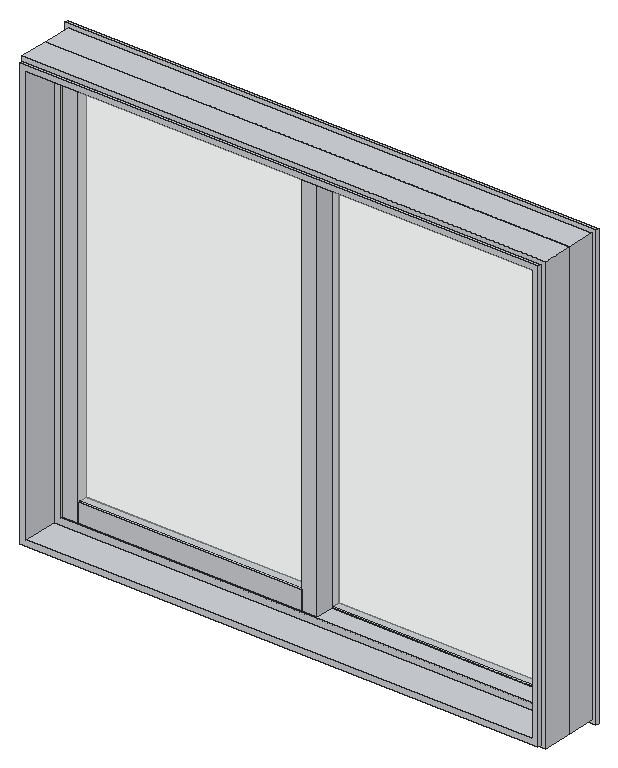
Revit family "APL Residential Thermal Heart Sliding Window SF", category Windows, host Wall, Revit 2017 (continued)
Definition of nested family "APL Residential Thermal Heart Sliding Window SF Vertical Section"
  Definition of nested family "Two Panel Sill"
    Definition of nested family "65380_Frame Sill"
      Lines and regions (mm)
        detail lines, in view "Ref. Level"
          curve 603: arc (78.947, 1.8, 0) -> (79.176, 1.873, 0) -> (79.323, 2.063, 0) r 0.4
          curve 604: arc (80.116, 4.242, 0) -> (80.482, 4.719, 0) -> (81.055, 4.9, 0) r 1
          curve 605: arc (81.978, 4.9, 0) -> (82.289, 4.941, 0) -> (82.579, 5.062, 0) r 1.2
          curve 606: arc (84.107, 5.946, 0) -> (84.204, 5.987, 0) -> (84.307, 6, 0) r 0.4
          curve 607: arc (84.6, 6, 0) -> (84.883, 5.883, 0) -> (85, 5.6, 0) r 0.4
          curve 608: arc (85, 2.2, 0) -> (84.883, 1.917, 0) -> (84.6, 1.8, 0) r 0.4
          curve 609: arc (84.307, 1.8, 0) -> (84.204, 1.814, 0) -> (84.107, 1.854, 0) r 0.4
          curve 610: arc (82.579, 2.739, 0) -> (82.285, 2.86, 0) -> (81.97, 2.9, 0) r 1.2
          curve 611: arc (81.97, 2.9, 0) -> (81.795, 2.847, 0) -> (81.684, 2.703, 0) r 0.3
          curve 612: arc (80.796, 0.263, 0) -> (80.649, 0.073, 0) -> (80.42, 0, 0) r 0.4
          curve 613: arc (74.78, 0, 0) -> (74.551, 0.073, 0) -> (74.404, 0.263, 0) r 0.4
          curve 614: arc (73.516, 2.703, 0) -> (73.405, 2.847, 0) -> (73.23, 2.9, 0) r 0.3
          curve 615: arc (73.23, 2.9, 0) -> (72.915, 2.86, 0) -> (72.621, 2.739, 0) r 1.2
          curve 616: arc (71.093, 1.854, 0) -> (70.996, 1.814, 0) -> (70.893, 1.8, 0) r 0.4
          curve 617: arc (70.6, 1.8, 0) -> (70.317, 1.917, 0) -> (70.2, 2.2, 0) r 0.4
          curve 618: line (70.6, 6, 0) -> (70.893, 6, 0)
          curve 619: line (71.093, 5.946, 0) -> (72.621, 5.062, 0)
          curve 620: line (73.222, 4.9, 0) -> (74.145, 4.9, 0)
          curve 621: line (75.084, 4.242, 0) -> (75.877, 2.063, 0)
          curve 622: line (76.253, 1.8, 0) -> (78.947, 1.8, 0)
          curve 623: line (79.323, 2.063, 0) -> (80.116, 4.242, 0)
          curve 624: line (81.055, 4.9, 0) -> (81.978, 4.9, 0)
          curve 625: line (82.579, 5.062, 0) -> (84.107, 5.946, 0)
          curve 626: line (84.307, 6, 0) -> (84.6, 6, 0)
          curve 627: line (85, 5.6, 0) -> (85, 2.2, 0)
          curve 628: line (84.6, 1.8, 0) -> (84.307, 1.8, 0)
          curve 629: line (84.107, 1.854, 0) -> (82.579, 2.739, 0)
          curve 630: line (81.684, 2.703, 0) -> (80.796, 0.263, 0)
          curve 631: line (80.42, 0, 0) -> (74.78, 0, 0)
          curve 632: line (74.404, 0.263, 0) -> (73.516, 2.703, 0)
          curve 633: line (72.621, 2.739, 0) -> (71.093, 1.854, 0)
          curve 634: line (70.893, 1.8, 0) -> (70.6, 1.8, 0)
          curve 635: line (70.2, 2.2, 0) -> (70.2, 5.6, 0)
          curve 636: line (106.85, 34.861, 0) -> (112.6, 36.402, 0)
          curve 637: line (111.139, 36.01, 0) -> (106.85, 36.01, 0)
          curve 638: line (112.6, 36.85, 0) -> (106.85, 36.85, 0)
          curve 639: line (112.6, 37.69, 0) -> (106.85, 37.69, 0)
          curve 640: line (112.6, 38.61, 0) -> (106.85, 38.61, 0)
          curve 641: line (112.6, 39.45, 0) -> (106.85, 39.45, 0)
          curve 642: line (111.139, 40.29, 0) -> (106.85, 40.29, 0)
          curve 643: line (112.6, 39.899, 0) -> (106.85, 41.439, 0)
          curve 644: line (112.85, 34.7, 0) -> (112.85, 41.6, 0)
          curve 645: line (112.6, 41.6, 0) -> (112.6, 34.7, 0)
          curve 646: line (112.6, 34.7, 0) -> (113.1, 34.7, 0)
          curve 647: line (113.1, 34.7, 0) -> (113.1, 41.6, 0)
          curve 648: line (113.1, 41.6, 0) -> (112.6, 41.6, 0)
          curve 662: line (74.15, 34.861, 0) -> (68.4, 36.402, 0)
          curve 663: line (69.861, 36.01, 0) -> (74.15, 36.01, 0)
          curve 664: line (68.4, 36.85, 0) -> (74.15, 36.85, 0)
          curve 665: line (68.4, 37.69, 0) -> (74.15, 37.69, 0)
          curve 666: line (68.4, 38.61, 0) -> (74.15, 38.61, 0)
          curve 667: line (68.4, 39.45, 0) -> (74.15, 39.45, 0)
          curve 668: line (69.861, 40.29, 0) -> (74.15, 40.29, 0)
          curve 669: line (68.4, 39.899, 0) -> (74.15, 41.439, 0)
          curve 670: line (68.15, 34.7, 0) -> (68.15, 41.6, 0)
          curve 671: line (68.4, 41.6, 0) -> (68.4, 34.7, 0)
          curve 672: line (68.4, 34.7, 0) -> (67.9, 34.7, 0)
          curve 673: line (67.9, 34.7, 0) -> (67.9, 41.6, 0)
          curve 674: line (67.9, 41.6, 0) -> (68.4, 41.6, 0)
        detail lines, in view "Ref. Level", not visible
          curve 649: line (101.764, -41.439, 0) -> (107.514, -39.899, 0)
          curve 650: line (106.053, -40.29, 0) -> (101.764, -40.29, 0)
          curve 651: line (107.514, -39.45, 0) -> (101.764, -39.45, 0)
          curve 652: line (107.514, -38.61, 0) -> (101.764, -38.61, 0)
          curve 653: line (107.514, -37.69, 0) -> (101.764, -37.69, 0)
          curve 654: line (107.514, -36.85, 0) -> (101.764, -36.85, 0)
          curve 655: line (106.053, -36.01, 0) -> (101.764, -36.01, 0)
          curve 656: line (107.514, -36.401, 0) -> (101.764, -34.861, 0)
          curve 657: line (107.764, -41.6, 0) -> (107.764, -34.7, 0)
          curve 658: line (107.514, -34.7, 0) -> (107.514, -41.6, 0)
          curve 659: line (107.514, -41.6, 0) -> (108.014, -41.6, 0)
          curve 660: line (108.014, -41.6, 0) -> (108.014, -34.7, 0)
          curve 661: line (108.014, -34.7, 0) -> (107.514, -34.7, 0)
      Text (mm)
        text "65380" at (9.719, 46, 0), in view "Ref. Level"
    Definition of nested family "65460_Door Top And Window Rail"
      Reference planes
        plane 1 "Center (Front/Back)": y = 0
        plane 2: z = 0
        plane 3 "Center (Left/Right)": x = 0
      Lines and regions (mm)
        detail lines, in view "Ref. Level"
          curve 1: arc (20.155, 25.72, 0) -> (19.65, 25.078, 0) -> (19.29, 24.346, 0) r 3.9
          curve 2: arc (19.29, 24.346, 0) -> (19.067, 24.218, 0) -> (18.902, 24.415, 0) r 0.2
          curve 3: arc (18.902, 31.835, 0) -> (19.067, 32.032, 0) -> (19.29, 31.904, 0) r 0.2
          curve 4: arc (19.29, 31.904, 0) -> (19.65, 31.172, 0) -> (20.155, 30.53, 0) r 3.9
          curve 5: arc (20.155, 30.53, 0) -> (21.428, 30.513, 0) -> (21.445, 31.786, 0) r 0.9
          curve 6: arc (21.445, 31.786, 0) -> (20.85, 33.25, 0) -> (21.445, 34.715, 0) r 2.1
          curve 7: arc (21.445, 34.715, 0) -> (21.57, 34.877, 0) -> (21.656, 35.064, 0) r 0.9
          curve 8: arc (21.656, 35.064, 0) -> (21.753, 35.236, 0) -> (21.91, 35.358, 0) r 0.5
          curve 9: arc (21.91, 35.358, 0) -> (22.95, 35.6, 0) -> (23.99, 35.358, 0) r 2.35
          curve 10: arc (23.99, 35.358, 0) -> (24.147, 35.236, 0) -> (24.244, 35.064, 0) r 0.5
          curve 11: arc (24.244, 35.064, 0) -> (24.33, 34.877, 0) -> (24.455, 34.715, 0) r 0.9
          curve 12: arc (24.455, 34.715, 0) -> (25.05, 33.25, 0) -> (24.455, 31.786, 0) r 2.1
          curve 13: arc (24.455, 31.786, 0) -> (24.472, 30.513, 0) -> (25.745, 30.53, 0) r 0.9
          curve 14: arc (25.745, 30.53, 0) -> (26.799, 32.619, 0) -> (26.468, 34.934, 0) r 3.9
          curve 15: arc (26.468, 34.934, 0) -> (26.496, 35.417, 0) -> (26.919, 35.65, 0) r 0.5
          curve 16: arc (31.08, 35.65, 0) -> (31.402, 35.533, 0) -> (31.572, 35.236, 0) r 0.5
          curve 17: arc (31.572, 21.014, 0) -> (31.402, 20.717, 0) -> (31.08, 20.6, 0) r 0.5
          curve 18: arc (26.919, 20.6, 0) -> (26.496, 20.834, 0) -> (26.468, 21.316, 0) r 0.5
          curve 19: arc (26.468, 21.316, 0) -> (26.799, 23.631, 0) -> (25.745, 25.72, 0) r 3.9
          curve 20: arc (25.745, 25.72, 0) -> (24.472, 25.737, 0) -> (24.455, 24.464, 0) r 0.9
          curve 21: arc (24.455, 24.464, 0) -> (25.05, 23, 0) -> (24.455, 21.535, 0) r 2.1
          curve 22: arc (24.455, 21.535, 0) -> (24.33, 21.373, 0) -> (24.244, 21.186, 0) r 0.9
          curve 23: arc (24.244, 21.186, 0) -> (24.147, 21.014, 0) -> (23.99, 20.892, 0) r 0.5
          curve 24: arc (23.99, 20.892, 0) -> (22.95, 20.65, 0) -> (21.91, 20.892, 0) r 2.35
          curve 25: arc (21.91, 20.892, 0) -> (21.753, 21.014, 0) -> (21.656, 21.186, 0) r 0.5
          curve 26: arc (21.656, 21.186, 0) -> (21.57, 21.373, 0) -> (21.445, 21.535, 0) r 0.9
          curve 27: arc (21.445, 21.535, 0) -> (20.85, 23, 0) -> (21.445, 24.464, 0) r 2.1
          curve 28: arc (21.445, 24.464, 0) -> (21.428, 25.737, 0) -> (20.155, 25.72, 0) r 0.9
          curve 29: arc (17.002, 21.247, 0) -> (17.028, 21.125, 0) -> (17.102, 21.023, 0) r 0.3
          curve 30: arc (17.102, 21.023, 0) -> (17.182, 20.693, 0) -> (16.902, 20.5, 0) r 0.3
          curve 31: arc (14.681, 21.043, 0) -> (14.592, 21.095, 0) -> (14.54, 21.184, 0) r 0.2
          curve 32: arc (14.495, 21.352, 0) -> (14.354, 21.493, 0) -> (14.161, 21.441, 0) r 0.2
          curve 33: arc (13.797, 21.077, 0) -> (13.737, 20.992, 0) -> (13.71, 20.891, 0) r 0.3
          curve 34: arc (13.503, 18.526, 0) -> (13.619, 18.262, 0) -> (13.905, 18.218, 0) r 0.3
          curve 35: arc (15.315, 18.731, 0) -> (15.441, 18.819, 0) -> (15.507, 18.957, 0) r 0.3
          curve 36: arc (15.507, 18.957, 0) -> (15.78, 19.199, 0) -> (16.085, 19, 0) r 0.3
          curve 37: arc (31.1, 19, 0) -> (31.414, 18.904, 0) -> (31.601, 18.633, 0) r 0.5
          curve 38: arc (32.601, 3.535, 0) -> (32.523, 3.377, 0) -> (32.349, 3.342, 0) r 0.2
          curve 39: arc (31.453, 3.583, 0) -> (31.279, 3.548, 0) -> (31.201, 3.389, 0) r 0.2
          curve 40: arc (31.439, 1.205, 0) -> (31.508, 1.087, 0) -> (31.636, 1.04, 0) r 0.2
          curve 41: arc (32.901, 0.203, 0) -> (32.959, 0.06, 0) -> (33.101, 0, 0) r 0.2
          curve 42: arc (33.8, 0, 0) -> (33.941, 0.059, 0) -> (34, 0.2, 0) r 0.2
          curve 43: arc (34, 71.5, 0) -> (33.854, 71.854, 0) -> (33.5, 72, 0) r 0.5
          curve 44: arc (32.4, 72, 0) -> (32.259, 71.942, 0) -> (32.2, 71.8, 0) r 0.2
          curve 45: arc (32.2, 57.95, 0) -> (32.141, 57.809, 0) -> (32, 57.75, 0) r 0.2
          curve 46: arc (29.4, 57.75, 0) -> (29.259, 57.692, 0) -> (29.2, 57.55, 0) r 0.2
          curve 47: arc (29.2, 56.45, 0) -> (29.259, 56.309, 0) -> (29.4, 56.25, 0) r 0.2
          curve 48: arc (32, 56.25, 0) -> (32.141, 56.192, 0) -> (32.2, 56.05, 0) r 0.2
          curve 49: arc (32.2, 42.95, 0) -> (32.141, 42.809, 0) -> (32, 42.75, 0) r 0.2
          curve 50: arc (29.4, 42.75, 0) -> (29.259, 42.692, 0) -> (29.2, 42.55, 0) r 0.2
          curve 51: arc (29.2, 41.45, 0) -> (29.259, 41.309, 0) -> (29.4, 41.25, 0) r 0.2
          curve 52: arc (32, 41.25, 0) -> (32.141, 41.192, 0) -> (32.2, 41.05, 0) r 0.2
          curve 53: arc (31.601, 37.618, 0) -> (31.422, 37.352, 0) -> (31.119, 37.25, 0) r 0.5
          curve 54: arc (16.085, 37.25, 0) -> (15.78, 37.051, 0) -> (15.507, 37.293, 0) r 0.3
          curve 55: arc (15.507, 37.293, 0) -> (15.441, 37.431, 0) -> (15.315, 37.519, 0) r 0.3
          curve 56: arc (13.905, 38.032, 0) -> (13.619, 37.988, 0) -> (13.503, 37.724, 0) r 0.3
          curve 57: arc (13.71, 35.359, 0) -> (13.737, 35.258, 0) -> (13.797, 35.173, 0) r 0.3
          curve 58: arc (14.161, 34.809, 0) -> (14.354, 34.757, 0) -> (14.495, 34.898, 0) r 0.2
          curve 59: arc (14.54, 35.066, 0) -> (14.592, 35.155, 0) -> (14.681, 35.207, 0) r 0.2
          curve 60: arc (16.902, 35.75, 0) -> (17.182, 35.557, 0) -> (17.102, 35.227, 0) r 0.3
          curve 61: arc (17.102, 35.227, 0) -> (17.028, 35.125, 0) -> (17.002, 35.003, 0) r 0.3
          curve 62: arc (17.196, 31, 0) -> (17.16, 30.828, 0) -> (17.002, 30.75, 0) r 0.2
          curve 63: arc (16.482, 30.75, 0) -> (16.4, 30.761, 0) -> (16.325, 30.794, 0) r 0.3
          curve 64: arc (15.071, 31.559, 0) -> (15.074, 31.729, 0) -> (14.968, 31.861, 0) r 0.25
          curve 65: arc (14.882, 31.914, 0) -> (14.63, 31.918, 0) -> (14.502, 31.7, 0) r 0.25
          curve 66: arc (14.502, 29.554, 0) -> (14.528, 29.456, 0) -> (14.598, 29.383, 0) r 0.2
          curve 67: arc (16.379, 28.296, 0) -> (16.475, 28.125, 0) -> (16.379, 27.954, 0) r 0.2
          curve 68: arc (14.598, 26.867, 0) -> (14.528, 26.794, 0) -> (14.502, 26.696, 0) r 0.2
          curve 69: arc (14.502, 24.55, 0) -> (14.629, 24.332, 0) -> (14.882, 24.336, 0) r 0.25
          curve 70: arc (14.968, 24.388, 0) -> (15.074, 24.521, 0) -> (15.071, 24.691, 0) r 0.25
          curve 71: arc (16.325, 25.456, 0) -> (16.4, 25.489, 0) -> (16.481, 25.5, 0) r 0.3
          curve 72: line (18.902, 24.415, 0) -> (18.902, 31.835, 0)
          curve 73: line (26.919, 35.65, 0) -> (31.08, 35.65, 0)
          curve 74: line (31.572, 35.236, 0) -> (32.193, 31.693, 0)
          curve 75: line (32.2, 31.607, 0) -> (32.2, 24.643, 0)
          curve 76: line (32.193, 24.557, 0) -> (31.572, 21.014, 0)
          curve 77: line (31.08, 20.6, 0) -> (26.919, 20.6, 0)
          curve 78: line (17.196, 25.25, 0) -> (17.002, 24.5, 0)
          curve 79: line (17.002, 24.474, 0) -> (17.002, 21.247, 0)
          curve 80: line (16.67, 20.51, 0) -> (14.681, 21.043, 0)
          curve 81: line (14.54, 21.184, 0) -> (14.495, 21.352, 0)
          curve 82: line (14.161, 21.441, 0) -> (13.797, 21.077, 0)
          curve 83: line (13.71, 20.891, 0) -> (13.503, 18.526, 0)
          curve 84: line (13.905, 18.218, 0) -> (15.315, 18.731, 0)
          curve 85: line (16.085, 19, 0) -> (31.1, 19, 0)
          curve 86: line (31.601, 18.633, 0) -> (32.583, 15.065, 0)
          curve 87: line (32.601, 14.933, 0) -> (32.601, 3.535, 0)
          curve 88: line (32.349, 3.342, 0) -> (31.453, 3.583, 0)
          curve 89: line (31.201, 3.389, 0) -> (31.201, 2.558, 0)
          curve 90: line (31.201, 2.558, 0) -> (31.439, 1.205, 0)
          curve 91: line (31.636, 1.04, 0) -> (32.901, 1.04, 0)
          curve 92: line (32.901, 1.04, 0) -> (32.901, 0.203, 0)
          curve 93: line (33.101, 0, 0) -> (33.8, 0, 0)
          curve 94: line (34, 0.2, 0) -> (34, 71.5, 0)
          curve 95: line (33.5, 72, 0) -> (32.4, 72, 0)
          curve 96: line (32.2, 71.8, 0) -> (32.2, 57.95, 0)
          curve 97: line (32, 57.75, 0) -> (29.4, 57.75, 0)
          curve 98: line (29.2, 57.55, 0) -> (29.2, 56.45, 0)
          curve 99: line (29.4, 56.25, 0) -> (32, 56.25, 0)
          curve 100: line (32.2, 56.05, 0) -> (32.2, 42.95, 0)
          curve 101: line (32, 42.75, 0) -> (29.4, 42.75, 0)
          curve 102: line (29.2, 42.55, 0) -> (29.2, 41.45, 0)
          curve 103: line (29.4, 41.25, 0) -> (32, 41.25, 0)
          curve 104: line (32.2, 41.05, 0) -> (32.2, 39.861, 0)
          curve 105: line (32.182, 39.728, 0) -> (31.601, 37.618, 0)
          curve 106: line (31.119, 37.25, 0) -> (23.35, 37.25, 0)
          curve 107: line (23.35, 37.25, 0) -> (22.95, 36.85, 0)
          curve 108: line (22.95, 36.85, 0) -> (22.55, 37.25, 0)
          curve 109: line (22.55, 37.25, 0) -> (16.085, 37.25, 0)
          curve 110: line (15.315, 37.519, 0) -> (13.905, 38.032, 0)
          curve 111: line (13.503, 37.724, 0) -> (13.71, 35.359, 0)
          curve 112: line (13.797, 35.173, 0) -> (14.161, 34.809, 0)
          curve 113: line (14.495, 34.898, 0) -> (14.54, 35.066, 0)
          curve 114: line (14.681, 35.207, 0) -> (16.67, 35.74, 0)
          curve 115: line (17.002, 35.003, 0) -> (17.002, 31.776, 0)
          curve 116: line (17.002, 31.75, 0) -> (17.196, 31, 0)
          curve 117: line (17.002, 30.75, 0) -> (16.482, 30.75, 0)
          curve 118: line (16.325, 30.794, 0) -> (15.071, 31.559, 0)
          curve 119: line (14.502, 31.7, 0) -> (14.502, 29.554, 0)
          curve 120: line (14.598, 29.383, 0) -> (16.379, 28.296, 0)
          curve 121: line (16.379, 27.954, 0) -> (14.598, 26.867, 0)
          curve 122: line (14.502, 26.696, 0) -> (14.502, 24.55, 0)
          curve 123: line (15.071, 24.691, 0) -> (16.325, 25.456, 0)
          curve 124: line (16.481, 25.5, 0) -> (17.002, 25.5, 0)
          curve 125: arc (17.002, 25.5, 0) -> (17.16, 25.422, 0) -> (17.196, 25.25, 0) r 0.2
          curve 126: arc (2.202, 31.65, 0) -> (2.319, 31.367, 0) -> (2.602, 31.25, 0) r 0.4
          curve 127: arc (2.895, 31.25, 0) -> (2.998, 31.264, 0) -> (3.095, 31.304, 0) r 0.4
          curve 128: arc (4.623, 32.189, 0) -> (4.913, 32.309, 0) -> (5.224, 32.35, 0) r 1.2
          curve 129: arc (6.147, 32.35, 0) -> (6.72, 32.531, 0) -> (7.086, 33.008, 0) r 1
          curve 130: arc (7.879, 35.187, 0) -> (8.026, 35.378, 0) -> (8.255, 35.45, 0) r 0.4
          curve 131: arc (10.949, 35.45, 0) -> (11.178, 35.378, 0) -> (11.325, 35.187, 0) r 0.4
          curve 132: arc (12.118, 33.008, 0) -> (12.484, 32.531, 0) -> (13.057, 32.35, 0) r 1
          curve 133: arc (13.98, 32.35, 0) -> (14.291, 32.309, 0) -> (14.581, 32.189, 0) r 1.2
          curve 134: arc (16.109, 31.304, 0) -> (16.206, 31.264, 0) -> (16.309, 31.25, 0) r 0.4
          curve 135: arc (16.602, 31.25, 0) -> (16.885, 31.367, 0) -> (17.002, 31.65, 0) r 0.4
          curve 136: arc (17.002, 35.05, 0) -> (16.885, 35.333, 0) -> (16.602, 35.45, 0) r 0.4
          curve 137: arc (16.309, 35.45, 0) -> (16.206, 35.437, 0) -> (16.109, 35.396, 0) r 0.4
          curve 138: arc (14.581, 34.512, 0) -> (14.287, 34.39, 0) -> (13.972, 34.35, 0) r 1.2
          curve 139: arc (13.972, 34.35, 0) -> (13.797, 34.403, 0) -> (13.686, 34.548, 0) r 0.3
          curve 140: arc (12.798, 36.987, 0) -> (12.651, 37.178, 0) -> (12.422, 37.25, 0) r 0.4
          curve 141: arc (6.782, 37.25, 0) -> (6.553, 37.178, 0) -> (6.406, 36.987, 0) r 0.4
          curve 142: arc (5.518, 34.548, 0) -> (5.407, 34.403, 0) -> (5.232, 34.35, 0) r 0.3
          curve 143: arc (5.232, 34.35, 0) -> (4.917, 34.39, 0) -> (4.623, 34.512, 0) r 1.2
          curve 144: arc (3.095, 35.396, 0) -> (2.998, 35.437, 0) -> (2.895, 35.45, 0) r 0.4
          curve 145: arc (2.602, 35.45, 0) -> (2.319, 35.333, 0) -> (2.202, 35.05, 0) r 0.4
          curve 146: line (2.602, 31.25, 0) -> (2.895, 31.25, 0)
          curve 147: line (3.095, 31.304, 0) -> (4.623, 32.189, 0)
          curve 148: line (5.224, 32.35, 0) -> (6.147, 32.35, 0)
          curve 149: line (7.086, 33.008, 0) -> (7.879, 35.187, 0)
          curve 150: line (8.255, 35.45, 0) -> (10.949, 35.45, 0)
          curve 151: line (11.325, 35.187, 0) -> (12.118, 33.008, 0)
          curve 152: line (13.057, 32.35, 0) -> (13.98, 32.35, 0)
          curve 153: line (14.581, 32.189, 0) -> (16.109, 31.304, 0)
          curve 154: line (16.309, 31.25, 0) -> (16.602, 31.25, 0)
          curve 155: line (17.002, 31.65, 0) -> (17.002, 35.05, 0)
          curve 156: line (16.602, 35.45, 0) -> (16.309, 35.45, 0)
          curve 157: line (16.109, 35.396, 0) -> (14.581, 34.512, 0)
          curve 158: line (13.686, 34.548, 0) -> (12.798, 36.987, 0)
          curve 159: line (12.422, 37.25, 0) -> (6.782, 37.25, 0)
          curve 160: line (6.406, 36.987, 0) -> (5.518, 34.548, 0)
          curve 161: line (4.623, 34.512, 0) -> (3.095, 35.396, 0)
          curve 162: line (2.895, 35.45, 0) -> (2.602, 35.45, 0)
          curve 163: line (2.202, 35.05, 0) -> (2.202, 31.65, 0)
          curve 164: arc (2.202, 24.6, 0) -> (2.319, 24.883, 0) -> (2.602, 25, 0) r 0.4
          curve 165: arc (2.895, 25, 0) -> (2.998, 24.986, 0) -> (3.095, 24.946, 0) r 0.4
          curve 166: arc (4.623, 24.061, 0) -> (4.913, 23.941, 0) -> (5.224, 23.9, 0) r 1.2
          curve 167: arc (6.147, 23.9, 0) -> (6.72, 23.719, 0) -> (7.086, 23.242, 0) r 1
          curve 168: arc (7.879, 21.063, 0) -> (8.026, 20.872, 0) -> (8.255, 20.8, 0) r 0.4
          curve 169: arc (10.949, 20.8, 0) -> (11.178, 20.872, 0) -> (11.325, 21.063, 0) r 0.4
          curve 170: arc (12.118, 23.242, 0) -> (12.484, 23.719, 0) -> (13.057, 23.9, 0) r 1
          curve 171: arc (13.98, 23.9, 0) -> (14.291, 23.941, 0) -> (14.581, 24.061, 0) r 1.2
          curve 172: arc (16.109, 24.946, 0) -> (16.206, 24.986, 0) -> (16.309, 25, 0) r 0.4
          curve 173: arc (16.602, 25, 0) -> (16.885, 24.883, 0) -> (17.002, 24.6, 0) r 0.4
          curve 174: arc (17.002, 21.2, 0) -> (16.885, 20.917, 0) -> (16.602, 20.8, 0) r 0.4
          curve 175: arc (16.309, 20.8, 0) -> (16.206, 20.813, 0) -> (16.109, 20.854, 0) r 0.4
          curve 176: arc (14.581, 21.738, 0) -> (14.287, 21.86, 0) -> (13.972, 21.9, 0) r 1.2
          curve 177: arc (13.972, 21.9, 0) -> (13.797, 21.847, 0) -> (13.686, 21.702, 0) r 0.3
          curve 178: arc (12.798, 19.263, 0) -> (12.651, 19.072, 0) -> (12.422, 19, 0) r 0.4
          curve 179: arc (6.782, 19, 0) -> (6.553, 19.072, 0) -> (6.406, 19.263, 0) r 0.4
          curve 180: arc (5.518, 21.702, 0) -> (5.407, 21.847, 0) -> (5.232, 21.9, 0) r 0.3
          curve 181: arc (5.232, 21.9, 0) -> (4.917, 21.86, 0) -> (4.623, 21.738, 0) r 1.2
          curve 182: arc (3.095, 20.854, 0) -> (2.998, 20.813, 0) -> (2.895, 20.8, 0) r 0.4
          curve 183: arc (2.602, 20.8, 0) -> (2.319, 20.917, 0) -> (2.202, 21.2, 0) r 0.4
          curve 184: line (2.602, 25, 0) -> (2.895, 25, 0)
          curve 185: line (3.095, 24.946, 0) -> (4.623, 24.061, 0)
          curve 186: line (5.224, 23.9, 0) -> (6.147, 23.9, 0)
          curve 187: line (7.086, 23.242, 0) -> (7.879, 21.063, 0)
          curve 188: line (8.255, 20.8, 0) -> (10.949, 20.8, 0)
          curve 189: line (11.325, 21.063, 0) -> (12.118, 23.242, 0)
          curve 190: line (13.057, 23.9, 0) -> (13.98, 23.9, 0)
          curve 191: line (14.581, 24.061, 0) -> (16.109, 24.946, 0)
          curve 192: line (16.309, 25, 0) -> (16.602, 25, 0)
          curve 193: line (17.002, 24.6, 0) -> (17.002, 21.2, 0)
          curve 194: line (16.602, 20.8, 0) -> (16.309, 20.8, 0)
          curve 195: line (16.109, 20.854, 0) -> (14.581, 21.738, 0)
          curve 196: line (13.686, 21.702, 0) -> (12.798, 19.263, 0)
          curve 197: line (12.422, 19, 0) -> (6.782, 19, 0)
          curve 198: line (6.406, 19.263, 0) -> (5.518, 21.702, 0)
          curve 199: line (4.623, 21.738, 0) -> (3.095, 20.854, 0)
          curve 200: line (2.895, 20.8, 0) -> (2.602, 20.8, 0)
          curve 201: line (2.202, 21.2, 0) -> (2.202, 24.6, 0)
          curve 202: arc (2.402, 7.33, 0) -> (2.261, 7.271, 0) -> (2.202, 7.13, 0) r 0.2
          curve 203: arc (2.202, 6.53, 0) -> (2.143, 6.388, 0) -> (2.002, 6.33, 0) r 0.2
          curve 204: arc (1.6, 6.33, 0) -> (1.459, 6.388, 0) -> (1.4, 6.53, 0) r 0.2
          curve 205: arc (1.644, 18.06, 0) -> (1.956, 18.728, 0) -> (2.642, 19, 0) r 1
          curve 206: arc (3.119, 19, 0) -> (3.424, 19.199, 0) -> (3.697, 18.957, 0) r 0.3
          curve 207: arc (3.697, 18.957, 0) -> (3.763, 18.819, 0) -> (3.889, 18.731, 0) r 0.3
          curve 208: arc (5.299, 18.218, 0) -> (5.585, 18.262, 0) -> (5.701, 18.526, 0) r 0.3
          curve 209: arc (5.494, 20.891, 0) -> (5.467, 20.992, 0) -> (5.407, 21.077, 0) r 0.3
          curve 210: arc (5.043, 21.441, 0) -> (4.85, 21.493, 0) -> (4.709, 21.352, 0) r 0.2
          curve 211: arc (4.664, 21.184, 0) -> (4.612, 21.095, 0) -> (4.523, 21.043, 0) r 0.2
          curve 212: arc (2.302, 20.5, 0) -> (2.022, 20.693, 0) -> (2.102, 21.023, 0) r 0.3
          curve 213: arc (2.102, 21.023, 0) -> (2.176, 21.125, 0) -> (2.202, 21.247, 0) r 0.3
          curve 214: arc (2.008, 25.25, 0) -> (2.044, 25.422, 0) -> (2.202, 25.5, 0) r 0.2
          curve 215: arc (2.722, 25.5, 0) -> (2.804, 25.489, 0) -> (2.879, 25.456, 0) r 0.3
          curve 216: arc (4.133, 24.691, 0) -> (4.13, 24.521, 0) -> (4.236, 24.388, 0) r 0.25
          curve 217: arc (4.322, 24.336, 0) -> (4.574, 24.332, 0) -> (4.702, 24.55, 0) r 0.25
          curve 218: arc (4.702, 26.696, 0) -> (4.676, 26.794, 0) -> (4.606, 26.867, 0) r 0.2
          curve 219: arc (2.725, 28.015, 0) -> (2.629, 28.186, 0) -> (2.725, 28.357, 0) r 0.2
          curve 220: arc (4.606, 29.505, 0) -> (4.676, 29.578, 0) -> (4.702, 29.676, 0) r 0.2
          curve 221: arc (4.702, 31.7, 0) -> (4.575, 31.918, 0) -> (4.322, 31.914, 0) r 0.25
          curve 222: arc (4.236, 31.861, 0) -> (4.13, 31.729, 0) -> (4.133, 31.559, 0) r 0.25
          curve 223: arc (2.879, 30.794, 0) -> (2.804, 30.761, 0) -> (2.723, 30.75, 0) r 0.3
          curve 224: arc (2.202, 30.75, 0) -> (2.044, 30.828, 0) -> (2.008, 31, 0) r 0.2
          curve 225: arc (2.202, 35.003, 0) -> (2.176, 35.125, 0) -> (2.102, 35.227, 0) r 0.3
          curve 226: arc (2.102, 35.227, 0) -> (2.022, 35.557, 0) -> (2.302, 35.75, 0) r 0.3
          curve 227: arc (4.523, 35.207, 0) -> (4.612, 35.155, 0) -> (4.664, 35.066, 0) r 0.2
          curve 228: arc (4.709, 34.898, 0) -> (4.85, 34.757, 0) -> (5.043, 34.809, 0) r 0.2
          curve 229: arc (5.407, 35.173, 0) -> (5.467, 35.258, 0) -> (5.494, 35.359, 0) r 0.3
          curve 230: arc (5.701, 37.724, 0) -> (5.585, 37.988, 0) -> (5.299, 38.032, 0) r 0.3
          curve 231: arc (3.889, 37.519, 0) -> (3.763, 37.431, 0) -> (3.697, 37.293, 0) r 0.3
          curve 232: arc (3.697, 37.293, 0) -> (3.424, 37.051, 0) -> (3.119, 37.25, 0) r 0.3
          curve 233: arc (2.3, 37.25, 0) -> (1.946, 37.397, 0) -> (1.8, 37.75, 0) r 0.5
          curve 234: arc (1.8, 41.053, 0) -> (1.86, 41.193, 0) -> (2, 41.25, 0) r 0.2
          curve 235: arc (3, 41.25, 0) -> (3.141, 41.309, 0) -> (3.2, 41.45, 0) r 0.2
          curve 236: arc (3.2, 42.55, 0) -> (3.141, 42.692, 0) -> (3, 42.75, 0) r 0.2
          curve 237: arc (2, 42.75, 0) -> (1.86, 42.808, 0) -> (1.8, 42.947, 0) r 0.2
          curve 238: arc (1.8, 56.053, 0) -> (1.86, 56.193, 0) -> (2, 56.25, 0) r 0.2
          curve 239: arc (3, 56.25, 0) -> (3.141, 56.309, 0) -> (3.2, 56.45, 0) r 0.2
          curve 240: arc (3.2, 57.55, 0) -> (3.141, 57.692, 0) -> (3, 57.75, 0) r 0.2
          curve 241: arc (2, 57.75, 0) -> (1.86, 57.808, 0) -> (1.8, 57.947, 0) r 0.2
          curve 242: arc (1.8, 71.8, 0) -> (1.741, 71.942, 0) -> (1.6, 72, 0) r 0.2
          curve 243: arc (0.5, 72, 0) -> (0.146, 71.854, 0) -> (0, 71.5, 0) r 0.5
          curve 244: arc (0, 0.2, 0) -> (0.059, 0.058, 0) -> (0.2, 0, 0) r 0.2
          curve 245: arc (3.002, 0, 0) -> (3.143, 0.058, 0) -> (3.202, 0.2, 0) r 0.2
          curve 246: arc (3.202, 1.63, 0) -> (3.143, 1.771, 0) -> (3.002, 1.83, 0) r 0.2
          curve 247: arc (2.402, 1.83, 0) -> (2.261, 1.771, 0) -> (2.202, 1.63, 0) r 0.2
          curve 248: arc (2.202, 1.28, 0) -> (2.143, 1.138, 0) -> (2.002, 1.08, 0) r 0.2
          curve 249: arc (1.402, 1.08, 0) -> (1.261, 1.138, 0) -> (1.202, 1.28, 0) r 0.2
          curve 250: arc (1.202, 4.38, 0) -> (1.261, 4.521, 0) -> (1.402, 4.58, 0) r 0.2
          curve 251: arc (2.002, 4.58, 0) -> (2.143, 4.521, 0) -> (2.202, 4.38, 0) r 0.2
          curve 252: arc (2.202, 4.03, 0) -> (2.261, 3.888, 0) -> (2.402, 3.83, 0) r 0.2
          curve 253: arc (3.002, 3.83, 0) -> (3.143, 3.888, 0) -> (3.202, 4.03, 0) r 0.2
          curve 254: line (3.002, 7.33, 0) -> (2.402, 7.33, 0)
          curve 255: line (2.202, 7.13, 0) -> (2.202, 6.53, 0)
          curve 256: line (2.002, 6.33, 0) -> (1.6, 6.33, 0)
          curve 257: line (1.4, 6.53, 0) -> (1.4, 14, 0)
          curve 258: line (1.4, 14, 0) -> (1.644, 18.06, 0)
          curve 259: line (2.642, 19, 0) -> (3.119, 19, 0)
          curve 260: line (3.889, 18.731, 0) -> (5.299, 18.218, 0)
          curve 261: line (5.701, 18.526, 0) -> (5.494, 20.891, 0)
          curve 262: line (5.407, 21.077, 0) -> (5.043, 21.441, 0)
          curve 263: line (4.709, 21.352, 0) -> (4.664, 21.184, 0)
          curve 264: line (4.523, 21.043, 0) -> (2.534, 20.51, 0)
          curve 265: line (2.202, 21.247, 0) -> (2.202, 24.474, 0)
          curve 266: line (2.196, 24.524, 0) -> (2.008, 25.25, 0)
          curve 267: line (2.202, 25.5, 0) -> (2.722, 25.5, 0)
          curve 268: line (2.879, 25.456, 0) -> (4.133, 24.691, 0)
          curve 269: line (4.702, 24.55, 0) -> (4.702, 26.696, 0)
          curve 270: line (4.606, 26.867, 0) -> (2.725, 28.015, 0)
          curve 271: line (2.725, 28.357, 0) -> (4.606, 29.505, 0)
          curve 272: line (4.702, 29.676, 0) -> (4.702, 31.7, 0)
          curve 273: line (4.133, 31.559, 0) -> (2.879, 30.794, 0)
          curve 274: line (2.723, 30.75, 0) -> (2.202, 30.75, 0)
          curve 275: line (2.008, 31, 0) -> (2.196, 31.726, 0)
          curve 276: line (2.202, 31.776, 0) -> (2.202, 35.003, 0)
          curve 277: line (2.534, 35.74, 0) -> (4.523, 35.207, 0)
          curve 278: line (4.664, 35.066, 0) -> (4.709, 34.898, 0)
          curve 279: line (5.043, 34.809, 0) -> (5.407, 35.173, 0)
          curve 280: line (5.494, 35.359, 0) -> (5.701, 37.724, 0)
          curve 281: line (5.299, 38.032, 0) -> (3.889, 37.519, 0)
          curve 282: line (3.119, 37.25, 0) -> (2.3, 37.25, 0)
          curve 283: line (1.8, 37.75, 0) -> (1.8, 41.053, 0)
          curve 284: line (2, 41.25, 0) -> (3, 41.25, 0)
          curve 285: line (3.2, 41.45, 0) -> (3.2, 42.55, 0)
          curve 286: line (3, 42.75, 0) -> (2, 42.75, 0)
          curve 287: line (1.8, 42.947, 0) -> (1.8, 56.053, 0)
          curve 288: line (2, 56.25, 0) -> (3, 56.25, 0)
          curve 289: line (3.2, 56.45, 0) -> (3.2, 57.55, 0)
          curve 290: line (3, 57.75, 0) -> (2, 57.75, 0)
          curve 291: line (1.8, 57.947, 0) -> (1.8, 71.8, 0)
          curve 292: line (1.6, 72, 0) -> (0.5, 72, 0)
          curve 293: line (0, 71.5, 0) -> (0, 0.2, 0)
          curve 294: line (0.2, 0, 0) -> (3.002, 0, 0)
          curve 295: line (3.202, 0.2, 0) -> (3.202, 1.63, 0)
          curve 296: line (3.002, 1.83, 0) -> (2.402, 1.83, 0)
          curve 297: line (2.202, 1.63, 0) -> (2.202, 1.28, 0)
          curve 298: line (2.002, 1.08, 0) -> (1.402, 1.08, 0)
          curve 299: line (1.202, 1.28, 0) -> (1.202, 4.38, 0)
          curve 300: line (1.402, 4.58, 0) -> (2.002, 4.58, 0)
          curve 301: line (2.202, 4.38, 0) -> (2.202, 4.03, 0)
          curve 302: line (2.402, 3.83, 0) -> (3.002, 3.83, 0)
          curve 303: line (3.202, 4.03, 0) -> (3.202, 7.13, 0)
          curve 304: arc (3.202, 7.13, 0) -> (3.143, 7.271, 0) -> (3.002, 7.33, 0) r 0.2
      Text (mm)
        text "65460" at (7.711, 85.3, 0), in view "Ref. Level"
  Definition of nested family "Two Panel Head"
    Parameters (values of type "Two Panel Head")
      Threshold = yes
      Seal = yes
    Reference planes
      plane 1 "Center (Front/Back)": y = 0
      plane 2: z = 0
      plane 3 "Center (Left/Right)": x = 0
    Lines and regions (mm)
      detail lines, in view "Ref. Level", visible <- "Seal"
        curve 1: arc (40.782, -34.147, 0) -> (40.472, -34.007, 0) -> (40.309, -34.306, 0) r 0.25
        curve 2: arc (40.336, -44.194, 0) -> (40.498, -44.493, 0) -> (40.808, -44.353, 0) r 0.25
        curve 3: line (40.309, -34.306, 0) -> (41.303, -38.173, 0)
        curve 4: line (41.303, -38.173, 0) -> (40.3, -38.753, 0)
        curve 5: line (40.3, -38.753, 0) -> (40.3, -39.753, 0)
        curve 6: line (40.3, -39.753, 0) -> (41.325, -40.344, 0)
        curve 7: line (41.325, -40.344, 0) -> (40.336, -44.194, 0)
        curve 8: line (40.808, -44.353, 0) -> (42.532, -40.253, 0)
        curve 9: line (42.532, -40.253, 0) -> (43.8, -40.253, 0)
        curve 10: line (43.8, -40.253, 0) -> (43.8, -41.503, 0)
        curve 11: line (43.8, -41.503, 0) -> (44.8, -41.503, 0)
        curve 12: line (44.8, -41.503, 0) -> (44.8, -37.003, 0)
        curve 13: line (44.8, -37.003, 0) -> (43.8, -37.003, 0)
        curve 14: line (43.8, -37.003, 0) -> (43.8, -38.253, 0)
        curve 15: line (43.8, -38.253, 0) -> (42.508, -38.253, 0)
        curve 16: line (42.508, -38.253, 0) -> (40.782, -34.147, 0)
      detail lines, in view "Ref. Level", visible <- "Seal", not visible
        curve 17: arc (40.782, -34.147, 0) -> (40.472, -34.007, 0) -> (40.309, -34.306, 0) r 0.25
        curve 18: arc (40.336, -44.194, 0) -> (40.498, -44.493, 0) -> (40.808, -44.353, 0) r 0.25
        curve 19: line (40.309, -34.306, 0) -> (41.303, -38.173, 0)
        curve 20: line (41.303, -38.173, 0) -> (40.3, -38.753, 0)
        curve 21: line (40.3, -38.753, 0) -> (40.3, -39.753, 0)
        curve 22: line (40.3, -39.753, 0) -> (41.325, -40.344, 0)
        curve 23: line (41.325, -40.344, 0) -> (40.336, -44.194, 0)
        curve 24: line (40.808, -44.353, 0) -> (42.532, -40.253, 0)
        curve 25: line (42.532, -40.253, 0) -> (43.8, -40.253, 0)
        curve 26: line (43.8, -40.253, 0) -> (43.8, -41.503, 0)
        curve 27: line (43.8, -41.503, 0) -> (44.8, -41.503, 0)
        curve 28: line (44.8, -41.503, 0) -> (44.8, -37.003, 0)
        curve 29: line (44.8, -37.003, 0) -> (43.8, -37.003, 0)
        curve 30: line (43.8, -37.003, 0) -> (43.8, -38.253, 0)
        curve 31: line (43.8, -38.253, 0) -> (42.508, -38.253, 0)
        curve 32: line (42.508, -38.253, 0) -> (40.782, -34.147, 0)
      detail lines, in view "Ref. Level"
        curve 33: arc (0.123, -25.385, 0) -> (0.034, -25.312, 0) -> (0, -25.2, 0) r 0.2
        curve 34: arc (0, -24.2, 0) -> (0.059, -24.059, 0) -> (0.2, -24, 0) r 0.2
        curve 35: arc (1.987, -23.527, 0) -> (2.044, -23.412, 0) -> (2.019, -23.285, 0) r 0.2
        curve 36: arc (1.788, -22.888, 0) -> (1.916, -22.409, 0) -> (2.394, -22.537, 0) r 0.35
        curve 37: arc (2.779, -23.203, 0) -> (2.842, -23.516, 0) -> (2.701, -23.803, 0) r 0.497
        curve 38: arc (2.033, -24.47, 0) -> (1.979, -24.65, 0) -> (2.098, -24.796, 0) r 0.2
        curve 39: arc (41.094, -40.949, 0) -> (41.282, -40.93, 0) -> (41.37, -40.764, 0) r 0.2
        curve 40: arc (41.37, -36.481, 0) -> (41.586, -35.578, 0) -> (42.188, -34.869, 0) r 2
        curve 41: arc (42.188, -34.869, 0) -> (43.515, -32.691, 0) -> (42.924, -30.21, 0) r 3.35
        curve 42: arc (42.924, -30.21, 0) -> (43.038, -29.512, 0) -> (43.736, -29.625, 0) r 0.5
        curve 43: arc (43.736, -29.625, 0) -> (44.503, -32.847, 0) -> (42.779, -35.675, 0) r 4.35
        curve 44: arc (42.779, -35.675, 0) -> (42.478, -36.03, 0) -> (42.37, -36.481, 0) r 1
        curve 45: arc (42.37, -42.585, 0) -> (42.282, -42.751, 0) -> (42.094, -42.77, 0) r 0.2
        curve 46: line (0, -25.2, 0) -> (0, -24.2, 0)
        curve 47: line (0.2, -24, 0) -> (1.431, -24, 0)
        curve 48: line (1.573, -23.941, 0) -> (1.987, -23.527, 0)
        curve 49: line (2.019, -23.285, 0) -> (1.788, -22.888, 0)
        curve 50: line (2.394, -22.537, 0) -> (2.779, -23.203, 0)
        curve 51: line (2.701, -23.803, 0) -> (2.033, -24.47, 0)
        curve 52: line (2.098, -24.796, 0) -> (41.094, -40.949, 0)
        curve 53: line (41.37, -40.764, 0) -> (41.37, -36.481, 0)
        curve 54: line (42.37, -36.481, 0) -> (42.37, -42.585, 0)
        curve 55: line (42.094, -42.77, 0) -> (0.123, -25.385, 0)
    Dimensions and locks
      nested 1 to nested 2 = 3 mm
    Nested families
      nested 1: "65460_Door Top And Window Rail" at (73.5, -105, 0), type "65460_Door Top And Window Rail", in view "Ref. Level"
      nested 2: "65400_Frame Head" at (0, 0, 0), type "65400_Frame Head", in view "Ref. Level"
    Definition of nested family "65460_Door Top And Window Rail"
      Reference planes
        plane 1 "Center (Front/Back)": y = 0
        plane 2: z = 0
        plane 3 "Center (Left/Right)": x = 0
      Lines and regions (mm)
        detail lines, in view "Ref. Level"
          curve 1: arc (20.155, 25.72, 0) -> (19.65, 25.078, 0) -> (19.29, 24.346, 0) r 3.9
          curve 2: arc (19.29, 24.346, 0) -> (19.067, 24.218, 0) -> (18.902, 24.415, 0) r 0.2
          curve 3: arc (18.902, 31.835, 0) -> (19.067, 32.032, 0) -> (19.29, 31.904, 0) r 0.2
          curve 4: arc (19.29, 31.904, 0) -> (19.65, 31.172, 0) -> (20.155, 30.53, 0) r 3.9
          curve 5: arc (20.155, 30.53, 0) -> (21.428, 30.513, 0) -> (21.445, 31.786, 0) r 0.9
          curve 6: arc (21.445, 31.786, 0) -> (20.85, 33.25, 0) -> (21.445, 34.715, 0) r 2.1
          curve 7: arc (21.445, 34.715, 0) -> (21.57, 34.877, 0) -> (21.656, 35.064, 0) r 0.9
          curve 8: arc (21.656, 35.064, 0) -> (21.753, 35.236, 0) -> (21.91, 35.358, 0) r 0.5
          curve 9: arc (21.91, 35.358, 0) -> (22.95, 35.6, 0) -> (23.99, 35.358, 0) r 2.35
          curve 10: arc (23.99, 35.358, 0) -> (24.147, 35.236, 0) -> (24.244, 35.064, 0) r 0.5
          curve 11: arc (24.244, 35.064, 0) -> (24.33, 34.877, 0) -> (24.455, 34.715, 0) r 0.9
          curve 12: arc (24.455, 34.715, 0) -> (25.05, 33.25, 0) -> (24.455, 31.786, 0) r 2.1
          curve 13: arc (24.455, 31.786, 0) -> (24.472, 30.513, 0) -> (25.745, 30.53, 0) r 0.9
          curve 14: arc (25.745, 30.53, 0) -> (26.799, 32.619, 0) -> (26.468, 34.934, 0) r 3.9
          curve 15: arc (26.468, 34.934, 0) -> (26.496, 35.417, 0) -> (26.919, 35.65, 0) r 0.5
          curve 16: arc (31.08, 35.65, 0) -> (31.402, 35.533, 0) -> (31.572, 35.236, 0) r 0.5
          curve 17: arc (31.572, 21.014, 0) -> (31.402, 20.717, 0) -> (31.08, 20.6, 0) r 0.5
          curve 18: arc (26.919, 20.6, 0) -> (26.496, 20.834, 0) -> (26.468, 21.316, 0) r 0.5
          curve 19: arc (26.468, 21.316, 0) -> (26.799, 23.631, 0) -> (25.745, 25.72, 0) r 3.9
          curve 20: arc (25.745, 25.72, 0) -> (24.472, 25.737, 0) -> (24.455, 24.464, 0) r 0.9
          curve 21: arc (24.455, 24.464, 0) -> (25.05, 23, 0) -> (24.455, 21.535, 0) r 2.1
          curve 22: arc (24.455, 21.535, 0) -> (24.33, 21.373, 0) -> (24.244, 21.186, 0) r 0.9
          curve 23: arc (24.244, 21.186, 0) -> (24.147, 21.014, 0) -> (23.99, 20.892, 0) r 0.5
          curve 24: arc (23.99, 20.892, 0) -> (22.95, 20.65, 0) -> (21.91, 20.892, 0) r 2.35
          curve 25: arc (21.91, 20.892, 0) -> (21.753, 21.014, 0) -> (21.656, 21.186, 0) r 0.5
          curve 26: arc (21.656, 21.186, 0) -> (21.57, 21.373, 0) -> (21.445, 21.535, 0) r 0.9
          curve 27: arc (21.445, 21.535, 0) -> (20.85, 23, 0) -> (21.445, 24.464, 0) r 2.1
          curve 28: arc (21.445, 24.464, 0) -> (21.428, 25.737, 0) -> (20.155, 25.72, 0) r 0.9
          curve 29: arc (17.002, 21.247, 0) -> (17.028, 21.125, 0) -> (17.102, 21.023, 0) r 0.3
          curve 30: arc (17.102, 21.023, 0) -> (17.182, 20.693, 0) -> (16.902, 20.5, 0) r 0.3
          curve 31: arc (14.681, 21.043, 0) -> (14.592, 21.095, 0) -> (14.54, 21.184, 0) r 0.2
          curve 32: arc (14.495, 21.352, 0) -> (14.354, 21.493, 0) -> (14.161, 21.441, 0) r 0.2
          curve 33: arc (13.797, 21.077, 0) -> (13.737, 20.992, 0) -> (13.71, 20.891, 0) r 0.3
          curve 34: arc (13.503, 18.526, 0) -> (13.619, 18.262, 0) -> (13.905, 18.218, 0) r 0.3
          curve 35: arc (15.315, 18.731, 0) -> (15.441, 18.819, 0) -> (15.507, 18.957, 0) r 0.3
          curve 36: arc (15.507, 18.957, 0) -> (15.78, 19.199, 0) -> (16.085, 19, 0) r 0.3
          curve 37: arc (31.1, 19, 0) -> (31.414, 18.904, 0) -> (31.601, 18.633, 0) r 0.5
          curve 38: arc (32.601, 3.535, 0) -> (32.523, 3.377, 0) -> (32.349, 3.342, 0) r 0.2
          curve 39: arc (31.453, 3.583, 0) -> (31.279, 3.548, 0) -> (31.201, 3.389, 0) r 0.2
          curve 40: arc (31.439, 1.205, 0) -> (31.508, 1.087, 0) -> (31.636, 1.04, 0) r 0.2
          curve 41: arc (32.901, 0.203, 0) -> (32.959, 0.06, 0) -> (33.101, 0, 0) r 0.2
          curve 42: arc (33.8, 0, 0) -> (33.941, 0.059, 0) -> (34, 0.2, 0) r 0.2
          curve 43: arc (34, 71.5, 0) -> (33.854, 71.854, 0) -> (33.5, 72, 0) r 0.5
          curve 44: arc (32.4, 72, 0) -> (32.259, 71.942, 0) -> (32.2, 71.8, 0) r 0.2
          curve 45: arc (32.2, 57.95, 0) -> (32.141, 57.809, 0) -> (32, 57.75, 0) r 0.2
          curve 46: arc (29.4, 57.75, 0) -> (29.259, 57.692, 0) -> (29.2, 57.55, 0) r 0.2
          curve 47: arc (29.2, 56.45, 0) -> (29.259, 56.309, 0) -> (29.4, 56.25, 0) r 0.2
          curve 48: arc (32, 56.25, 0) -> (32.141, 56.192, 0) -> (32.2, 56.05, 0) r 0.2
          curve 49: arc (32.2, 42.95, 0) -> (32.141, 42.809, 0) -> (32, 42.75, 0) r 0.2
          curve 50: arc (29.4, 42.75, 0) -> (29.259, 42.692, 0) -> (29.2, 42.55, 0) r 0.2
          curve 51: arc (29.2, 41.45, 0) -> (29.259, 41.309, 0) -> (29.4, 41.25, 0) r 0.2
          curve 52: arc (32, 41.25, 0) -> (32.141, 41.192, 0) -> (32.2, 41.05, 0) r 0.2
          curve 53: arc (31.601, 37.618, 0) -> (31.422, 37.352, 0) -> (31.119, 37.25, 0) r 0.5
          curve 54: arc (16.085, 37.25, 0) -> (15.78, 37.051, 0) -> (15.507, 37.293, 0) r 0.3
          curve 55: arc (15.507, 37.293, 0) -> (15.441, 37.431, 0) -> (15.315, 37.519, 0) r 0.3
          curve 56: arc (13.905, 38.032, 0) -> (13.619, 37.988, 0) -> (13.503, 37.724, 0) r 0.3
          curve 57: arc (13.71, 35.359, 0) -> (13.737, 35.258, 0) -> (13.797, 35.173, 0) r 0.3
          curve 58: arc (14.161, 34.809, 0) -> (14.354, 34.757, 0) -> (14.495, 34.898, 0) r 0.2
          curve 59: arc (14.54, 35.066, 0) -> (14.592, 35.155, 0) -> (14.681, 35.207, 0) r 0.2
          curve 60: arc (16.902, 35.75, 0) -> (17.182, 35.557, 0) -> (17.102, 35.227, 0) r 0.3
          curve 61: arc (17.102, 35.227, 0) -> (17.028, 35.125, 0) -> (17.002, 35.003, 0) r 0.3
          curve 62: arc (17.196, 31, 0) -> (17.16, 30.828, 0) -> (17.002, 30.75, 0) r 0.2
          curve 63: arc (16.482, 30.75, 0) -> (16.4, 30.761, 0) -> (16.325, 30.794, 0) r 0.3
          curve 64: arc (15.071, 31.559, 0) -> (15.074, 31.729, 0) -> (14.968, 31.861, 0) r 0.25
          curve 65: arc (14.882, 31.914, 0) -> (14.63, 31.918, 0) -> (14.502, 31.7, 0) r 0.25
          curve 66: arc (14.502, 29.554, 0) -> (14.528, 29.456, 0) -> (14.598, 29.383, 0) r 0.2
          curve 67: arc (16.379, 28.296, 0) -> (16.475, 28.125, 0) -> (16.379, 27.954, 0) r 0.2
          curve 68: arc (14.598, 26.867, 0) -> (14.528, 26.794, 0) -> (14.502, 26.696, 0) r 0.2
          curve 69: arc (14.502, 24.55, 0) -> (14.629, 24.332, 0) -> (14.882, 24.336, 0) r 0.25
          curve 70: arc (14.968, 24.388, 0) -> (15.074, 24.521, 0) -> (15.071, 24.691, 0) r 0.25
          curve 71: arc (16.325, 25.456, 0) -> (16.4, 25.489, 0) -> (16.481, 25.5, 0) r 0.3
          curve 72: line (18.902, 24.415, 0) -> (18.902, 31.835, 0)
          curve 73: line (26.919, 35.65, 0) -> (31.08, 35.65, 0)
          curve 74: line (31.572, 35.236, 0) -> (32.193, 31.693, 0)
          curve 75: line (32.2, 31.607, 0) -> (32.2, 24.643, 0)
          curve 76: line (32.193, 24.557, 0) -> (31.572, 21.014, 0)
          curve 77: line (31.08, 20.6, 0) -> (26.919, 20.6, 0)
          curve 78: line (17.196, 25.25, 0) -> (17.002, 24.5, 0)
          curve 79: line (17.002, 24.474, 0) -> (17.002, 21.247, 0)
          curve 80: line (16.67, 20.51, 0) -> (14.681, 21.043, 0)
          curve 81: line (14.54, 21.184, 0) -> (14.495, 21.352, 0)
          curve 82: line (14.161, 21.441, 0) -> (13.797, 21.077, 0)
          curve 83: line (13.71, 20.891, 0) -> (13.503, 18.526, 0)
          curve 84: line (13.905, 18.218, 0) -> (15.315, 18.731, 0)
          curve 85: line (16.085, 19, 0) -> (31.1, 19, 0)
          curve 86: line (31.601, 18.633, 0) -> (32.583, 15.065, 0)
          curve 87: line (32.601, 14.933, 0) -> (32.601, 3.535, 0)
          curve 88: line (32.349, 3.342, 0) -> (31.453, 3.583, 0)
          curve 89: line (31.201, 3.389, 0) -> (31.201, 2.558, 0)
          curve 90: line (31.201, 2.558, 0) -> (31.439, 1.205, 0)
          curve 91: line (31.636, 1.04, 0) -> (32.901, 1.04, 0)
          curve 92: line (32.901, 1.04, 0) -> (32.901, 0.203, 0)
          curve 93: line (33.101, 0, 0) -> (33.8, 0, 0)
          curve 94: line (34, 0.2, 0) -> (34, 71.5, 0)
          curve 95: line (33.5, 72, 0) -> (32.4, 72, 0)
          curve 96: line (32.2, 71.8, 0) -> (32.2, 57.95, 0)
          curve 97: line (32, 57.75, 0) -> (29.4, 57.75, 0)
          curve 98: line (29.2, 57.55, 0) -> (29.2, 56.45, 0)
          curve 99: line (29.4, 56.25, 0) -> (32, 56.25, 0)
          curve 100: line (32.2, 56.05, 0) -> (32.2, 42.95, 0)
          curve 101: line (32, 42.75, 0) -> (29.4, 42.75, 0)
          curve 102: line (29.2, 42.55, 0) -> (29.2, 41.45, 0)
          curve 103: line (29.4, 41.25, 0) -> (32, 41.25, 0)
          curve 104: line (32.2, 41.05, 0) -> (32.2, 39.861, 0)
          curve 105: line (32.182, 39.728, 0) -> (31.601, 37.618, 0)
          curve 106: line (31.119, 37.25, 0) -> (23.35, 37.25, 0)
          curve 107: line (23.35, 37.25, 0) -> (22.95, 36.85, 0)
          curve 108: line (22.95, 36.85, 0) -> (22.55, 37.25, 0)
          curve 109: line (22.55, 37.25, 0) -> (16.085, 37.25, 0)
          curve 110: line (15.315, 37.519, 0) -> (13.905, 38.032, 0)
          curve 111: line (13.503, 37.724, 0) -> (13.71, 35.359, 0)
          curve 112: line (13.797, 35.173, 0) -> (14.161, 34.809, 0)
          curve 113: line (14.495, 34.898, 0) -> (14.54, 35.066, 0)
          curve 114: line (14.681, 35.207, 0) -> (16.67, 35.74, 0)
          curve 115: line (17.002, 35.003, 0) -> (17.002, 31.776, 0)
          curve 116: line (17.002, 31.75, 0) -> (17.196, 31, 0)
          curve 117: line (17.002, 30.75, 0) -> (16.482, 30.75, 0)
          curve 118: line (16.325, 30.794, 0) -> (15.071, 31.559, 0)
          curve 119: line (14.502, 31.7, 0) -> (14.502, 29.554, 0)
          curve 120: line (14.598, 29.383, 0) -> (16.379, 28.296, 0)
          curve 121: line (16.379, 27.954, 0) -> (14.598, 26.867, 0)
          curve 122: line (14.502, 26.696, 0) -> (14.502, 24.55, 0)
          curve 123: line (15.071, 24.691, 0) -> (16.325, 25.456, 0)
          curve 124: line (16.481, 25.5, 0) -> (17.002, 25.5, 0)
          curve 125: arc (17.002, 25.5, 0) -> (17.16, 25.422, 0) -> (17.196, 25.25, 0) r 0.2
          curve 126: arc (2.202, 31.65, 0) -> (2.319, 31.367, 0) -> (2.602, 31.25, 0) r 0.4
          curve 127: arc (2.895, 31.25, 0) -> (2.998, 31.264, 0) -> (3.095, 31.304, 0) r 0.4
          curve 128: arc (4.623, 32.189, 0) -> (4.913, 32.309, 0) -> (5.224, 32.35, 0) r 1.2
          curve 129: arc (6.147, 32.35, 0) -> (6.72, 32.531, 0) -> (7.086, 33.008, 0) r 1
          curve 130: arc (7.879, 35.187, 0) -> (8.026, 35.378, 0) -> (8.255, 35.45, 0) r 0.4
          curve 131: arc (10.949, 35.45, 0) -> (11.178, 35.378, 0) -> (11.325, 35.187, 0) r 0.4
          curve 132: arc (12.118, 33.008, 0) -> (12.484, 32.531, 0) -> (13.057, 32.35, 0) r 1
          curve 133: arc (13.98, 32.35, 0) -> (14.291, 32.309, 0) -> (14.581, 32.189, 0) r 1.2
          curve 134: arc (16.109, 31.304, 0) -> (16.206, 31.264, 0) -> (16.309, 31.25, 0) r 0.4
          curve 135: arc (16.602, 31.25, 0) -> (16.885, 31.367, 0) -> (17.002, 31.65, 0) r 0.4
          curve 136: arc (17.002, 35.05, 0) -> (16.885, 35.333, 0) -> (16.602, 35.45, 0) r 0.4
          curve 137: arc (16.309, 35.45, 0) -> (16.206, 35.437, 0) -> (16.109, 35.396, 0) r 0.4
          curve 138: arc (14.581, 34.512, 0) -> (14.287, 34.39, 0) -> (13.972, 34.35, 0) r 1.2
          curve 139: arc (13.972, 34.35, 0) -> (13.797, 34.403, 0) -> (13.686, 34.548, 0) r 0.3
          curve 140: arc (12.798, 36.987, 0) -> (12.651, 37.178, 0) -> (12.422, 37.25, 0) r 0.4
          curve 141: arc (6.782, 37.25, 0) -> (6.553, 37.178, 0) -> (6.406, 36.987, 0) r 0.4
          curve 142: arc (5.518, 34.548, 0) -> (5.407, 34.403, 0) -> (5.232, 34.35, 0) r 0.3
          curve 143: arc (5.232, 34.35, 0) -> (4.917, 34.39, 0) -> (4.623, 34.512, 0) r 1.2
          curve 144: arc (3.095, 35.396, 0) -> (2.998, 35.437, 0) -> (2.895, 35.45, 0) r 0.4
          curve 145: arc (2.602, 35.45, 0) -> (2.319, 35.333, 0) -> (2.202, 35.05, 0) r 0.4
          curve 146: line (2.602, 31.25, 0) -> (2.895, 31.25, 0)
          curve 147: line (3.095, 31.304, 0) -> (4.623, 32.189, 0)
          curve 148: line (5.224, 32.35, 0) -> (6.147, 32.35, 0)
          curve 149: line (7.086, 33.008, 0) -> (7.879, 35.187, 0)
          curve 150: line (8.255, 35.45, 0) -> (10.949, 35.45, 0)
          curve 151: line (11.325, 35.187, 0) -> (12.118, 33.008, 0)
          curve 152: line (13.057, 32.35, 0) -> (13.98, 32.35, 0)
          curve 153: line (14.581, 32.189, 0) -> (16.109, 31.304, 0)
          curve 154: line (16.309, 31.25, 0) -> (16.602, 31.25, 0)
          curve 155: line (17.002, 31.65, 0) -> (17.002, 35.05, 0)
          curve 156: line (16.602, 35.45, 0) -> (16.309, 35.45, 0)
          curve 157: line (16.109, 35.396, 0) -> (14.581, 34.512, 0)
          curve 158: line (13.686, 34.548, 0) -> (12.798, 36.987, 0)
          curve 159: line (12.422, 37.25, 0) -> (6.782, 37.25, 0)
          curve 160: line (6.406, 36.987, 0) -> (5.518, 34.548, 0)
          curve 161: line (4.623, 34.512, 0) -> (3.095, 35.396, 0)
          curve 162: line (2.895, 35.45, 0) -> (2.602, 35.45, 0)
          curve 163: line (2.202, 35.05, 0) -> (2.202, 31.65, 0)
          curve 164: arc (2.202, 24.6, 0) -> (2.319, 24.883, 0) -> (2.602, 25, 0) r 0.4
          curve 165: arc (2.895, 25, 0) -> (2.998, 24.986, 0) -> (3.095, 24.946, 0) r 0.4
          curve 166: arc (4.623, 24.061, 0) -> (4.913, 23.941, 0) -> (5.224, 23.9, 0) r 1.2
          curve 167: arc (6.147, 23.9, 0) -> (6.72, 23.719, 0) -> (7.086, 23.242, 0) r 1
          curve 168: arc (7.879, 21.063, 0) -> (8.026, 20.872, 0) -> (8.255, 20.8, 0) r 0.4
          curve 169: arc (10.949, 20.8, 0) -> (11.178, 20.872, 0) -> (11.325, 21.063, 0) r 0.4
          curve 170: arc (12.118, 23.242, 0) -> (12.484, 23.719, 0) -> (13.057, 23.9, 0) r 1
          curve 171: arc (13.98, 23.9, 0) -> (14.291, 23.941, 0) -> (14.581, 24.061, 0) r 1.2
          curve 172: arc (16.109, 24.946, 0) -> (16.206, 24.986, 0) -> (16.309, 25, 0) r 0.4
          curve 173: arc (16.602, 25, 0) -> (16.885, 24.883, 0) -> (17.002, 24.6, 0) r 0.4
          curve 174: arc (17.002, 21.2, 0) -> (16.885, 20.917, 0) -> (16.602, 20.8, 0) r 0.4
          curve 175: arc (16.309, 20.8, 0) -> (16.206, 20.813, 0) -> (16.109, 20.854, 0) r 0.4
          curve 176: arc (14.581, 21.738, 0) -> (14.287, 21.86, 0) -> (13.972, 21.9, 0) r 1.2
          curve 177: arc (13.972, 21.9, 0) -> (13.797, 21.847, 0) -> (13.686, 21.702, 0) r 0.3
          curve 178: arc (12.798, 19.263, 0) -> (12.651, 19.072, 0) -> (12.422, 19, 0) r 0.4
          curve 179: arc (6.782, 19, 0) -> (6.553, 19.072, 0) -> (6.406, 19.263, 0) r 0.4
          curve 180: arc (5.518, 21.702, 0) -> (5.407, 21.847, 0) -> (5.232, 21.9, 0) r 0.3
          curve 181: arc (5.232, 21.9, 0) -> (4.917, 21.86, 0) -> (4.623, 21.738, 0) r 1.2
          curve 182: arc (3.095, 20.854, 0) -> (2.998, 20.813, 0) -> (2.895, 20.8, 0) r 0.4
          curve 183: arc (2.602, 20.8, 0) -> (2.319, 20.917, 0) -> (2.202, 21.2, 0) r 0.4
          curve 184: line (2.602, 25, 0) -> (2.895, 25, 0)
          curve 185: line (3.095, 24.946, 0) -> (4.623, 24.061, 0)
          curve 186: line (5.224, 23.9, 0) -> (6.147, 23.9, 0)
          curve 187: line (7.086, 23.242, 0) -> (7.879, 21.063, 0)
          curve 188: line (8.255, 20.8, 0) -> (10.949, 20.8, 0)
          curve 189: line (11.325, 21.063, 0) -> (12.118, 23.242, 0)
          curve 190: line (13.057, 23.9, 0) -> (13.98, 23.9, 0)
          curve 191: line (14.581, 24.061, 0) -> (16.109, 24.946, 0)
          curve 192: line (16.309, 25, 0) -> (16.602, 25, 0)
          curve 193: line (17.002, 24.6, 0) -> (17.002, 21.2, 0)
          curve 194: line (16.602, 20.8, 0) -> (16.309, 20.8, 0)
          curve 195: line (16.109, 20.854, 0) -> (14.581, 21.738, 0)
          curve 196: line (13.686, 21.702, 0) -> (12.798, 19.263, 0)
          curve 197: line (12.422, 19, 0) -> (6.782, 19, 0)
          curve 198: line (6.406, 19.263, 0) -> (5.518, 21.702, 0)
          curve 199: line (4.623, 21.738, 0) -> (3.095, 20.854, 0)
          curve 200: line (2.895, 20.8, 0) -> (2.602, 20.8, 0)
          curve 201: line (2.202, 21.2, 0) -> (2.202, 24.6, 0)
          curve 202: arc (2.402, 7.33, 0) -> (2.261, 7.271, 0) -> (2.202, 7.13, 0) r 0.2
          curve 203: arc (2.202, 6.53, 0) -> (2.143, 6.388, 0) -> (2.002, 6.33, 0) r 0.2
          curve 204: arc (1.6, 6.33, 0) -> (1.459, 6.388, 0) -> (1.4, 6.53, 0) r 0.2
          curve 205: arc (1.644, 18.06, 0) -> (1.956, 18.728, 0) -> (2.642, 19, 0) r 1
          curve 206: arc (3.119, 19, 0) -> (3.424, 19.199, 0) -> (3.697, 18.957, 0) r 0.3
          curve 207: arc (3.697, 18.957, 0) -> (3.763, 18.819, 0) -> (3.889, 18.731, 0) r 0.3
          curve 208: arc (5.299, 18.218, 0) -> (5.585, 18.262, 0) -> (5.701, 18.526, 0) r 0.3
          curve 209: arc (5.494, 20.891, 0) -> (5.467, 20.992, 0) -> (5.407, 21.077, 0) r 0.3
          curve 210: arc (5.043, 21.441, 0) -> (4.85, 21.493, 0) -> (4.709, 21.352, 0) r 0.2
          curve 211: arc (4.664, 21.184, 0) -> (4.612, 21.095, 0) -> (4.523, 21.043, 0) r 0.2
          curve 212: arc (2.302, 20.5, 0) -> (2.022, 20.693, 0) -> (2.102, 21.023, 0) r 0.3
          curve 213: arc (2.102, 21.023, 0) -> (2.176, 21.125, 0) -> (2.202, 21.247, 0) r 0.3
          curve 214: arc (2.008, 25.25, 0) -> (2.044, 25.422, 0) -> (2.202, 25.5, 0) r 0.2
          curve 215: arc (2.722, 25.5, 0) -> (2.804, 25.489, 0) -> (2.879, 25.456, 0) r 0.3
          curve 216: arc (4.133, 24.691, 0) -> (4.13, 24.521, 0) -> (4.236, 24.388, 0) r 0.25
          curve 217: arc (4.322, 24.336, 0) -> (4.574, 24.332, 0) -> (4.702, 24.55, 0) r 0.25
